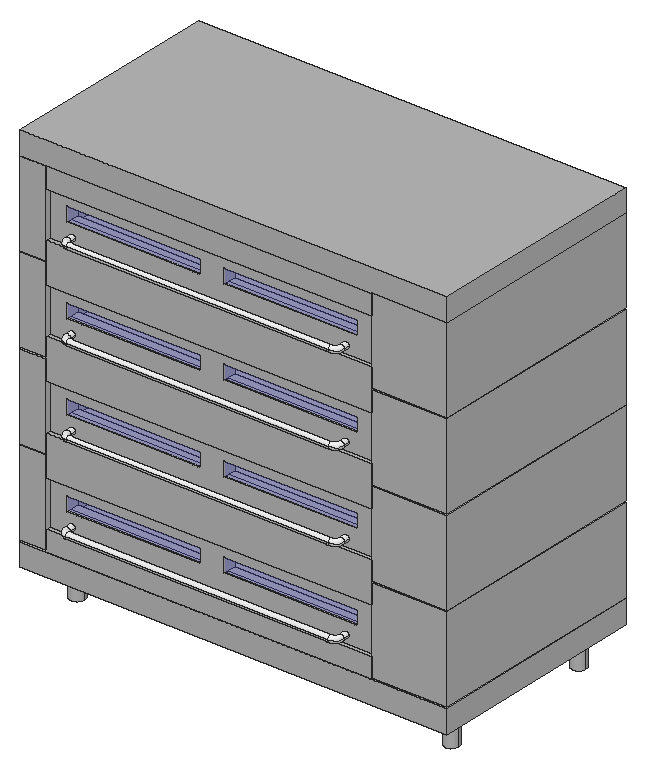
Revit family
Parameters (values of type "74" x 39"")
  Assembly Code = "E1090320"
  Deck Height = 1' - 3"
  Depth = 3' - 2 3/4"
  Width = 6' - 2"
Types (4): name | Assembly Code | Deck Height | Depth | Width
  (no name) | "E1090320" | 1' - 3" | 3' - 2 3/4" | 6' - 2"
  74" x 48" | "E1090320" | 1' - 5" | 4' - 0" | 6' - 2"
  74" x 39" | "E1090320" | 1' - 3" | 3' - 2 3/4" | 6' - 2"
  1880 x 985mm | "" | 1' - 3" | 3' - 2.77953" | 6' - 2.01575"
Reference planes (in)
  plane 1 "Center F/B": y = -13.90081
  plane 2: z = 0
  plane 3 "Center L/R": x = 19.69657
  plane 4 "Back": y = 5.47419
  plane 5 "Right": x = 56.69657
  plane 6 "Front": y = -33.27581
  plane 7 "Left": x = -17.30343
  plane 8 "e": z = 70
  plane 9 "d": z = 55
  plane 10 "c": z = 40
  plane 11 "b": z = 25
  plane 12: z = 74
  plane 13: z = 6
  plane 14 "a": z = 10
  plane 15: x = 15.44657
  plane 16: x = 43.69657
  plane 17: z = 64.44144
  plane 18: z = 61.94144
  plane 19: z = 49.44144
  plane 20: z = 46.94144
  plane 21: z = 34.44144
  plane 22: z = 31.94144
  plane 23: z = 19.44144
  plane 24: z = 16.94144
Forms (in)
  Extrusion 1, solid, material "Metal - Stainless Steel"
    sketch origin (0, 0, 74) x (0, -1, 0) y (-1, 0, 0)
      loop
        line (-5.47419, 17.30343) -> (-5.47419, -56.69657) -> (33.27581, -56.69657) -> (33.27581, 17.30343) -> (-5.47419, 17.30343)
    from 0 to 4
  Extrusion 2, solid, material "Metal - Stainless Steel"
    sketch origin (0, 0, 55) x (0, -1, 0) y (-1, 0, 0)
      loop
        line (33.27581, 17.30343) -> (-5.47419, 17.30343) -> (-5.47419, -56.69657) -> (33.27581, -56.69657) -> (33.27581, -43.69657) -> (-0.97419, -43.69657) -> (-0.97419, 12.80343) -> (33.27581, 12.80343) -> (33.27581, 17.30343)
    from -0.25 to -15
  Extrusion 3, solid, material "Metal - Stainless Steel"
    sketch origin (0, 0, 40) x (0, -1, 0) y (-1, 0, 0)
      loop
        line (33.27581, 17.30343) -> (-5.47419, 17.30343) -> (-5.47419, -56.69657) -> (33.27581, -56.69657) -> (33.27581, -43.69657) -> (-0.97419, -43.69657) -> (-0.97419, 12.80343) -> (33.27581, 12.80343) -> (33.27581, 17.30343)
    from -0.25 to -15
  Extrusion 4, solid, material "Metal - Stainless Steel"
    sketch origin (0, 0, 25) x (0, -1, 0) y (-1, 0, 0)
      loop
        line (-5.47419, 17.30343) -> (-5.47419, -56.69657) -> (33.27581, -56.69657) -> (33.27581, -43.69657) -> (-0.97419, -43.69657) -> (-0.97419, 12.80343) -> (33.27581, 12.80343) -> (33.27581, 17.30343) -> (-5.47419, 17.30343)
    from -0.25 to -15
  Extrusion 5, solid, material "Metal - Stainless Steel"
    sketch origin (0, 0, 10) x (0, -1, 0) y (-1, 0, 0)
      loop
        line (33.27581, 17.30343) -> (-5.47419, 17.30343) -> (-5.47419, -56.69657) -> (33.27581, -56.69657) -> (33.27581, -43.69657) -> (-0.97419, -43.69657) -> (-0.97419, 12.80343) -> (33.27581, 12.80343) -> (33.27581, 17.30343)
    from -0.25 to -15
  Extrusion 6, solid, material "Metal - Stainless Steel"
    sketch origin (0, -33.27581, 0) x (1, 0, 0) y (0, 0, 1)
      loop
        line (-12.80343, 69.94144) -> (-12.80343, 66.44144) -> (43.69657, 66.44144) -> (43.69657, 69.94144) -> (-12.80343, 69.94144)
      loop
        line (-12.80343, 58.5) -> (-12.80343, 51.5) -> (43.69657, 51.5) -> (43.69657, 58.5) -> (-12.80343, 58.5)
      loop
        line (-12.80343, 43.5) -> (-12.80343, 36.5) -> (43.69657, 36.5) -> (43.69657, 43.5) -> (-12.80343, 43.5)
      loop
        line (-12.80343, 28.5) -> (-12.80343, 21.5) -> (43.69657, 21.5) -> (43.69657, 28.5) -> (-12.80343, 28.5)
      loop
        line (-12.80343, 13.5) -> (-12.80343, 10) -> (43.69657, 10) -> (43.69657, 13.5) -> (-12.80343, 13.5)
    from 0 to -34.25
  Extrusion 7, solid, material "Metal - Stainless Steel"
    sketch origin (0, 0, 6) x (0, -1, 0) y (-1, 0, 0)
      loop
        line (-5.47419, 17.30343) -> (-5.47419, -56.69657) -> (33.27581, -56.69657) -> (33.27581, 17.30343) -> (-5.47419, 17.30343)
    from 0 to -4
  Extrusion 8, solid, material "Metal - Stainless Steel"
    sketch origin (0, -33.27581, 0) x (1, 0, 0) y (0, 0, 1)
      loop
        line (-9.80343, 64.44144) -> (-9.80343, 61.94144) -> (13.44657, 61.94144) -> (13.44657, 64.44144) -> (-9.80343, 64.44144)
      loop
        line (-9.80343, 49.44144) -> (-9.80343, 46.94144) -> (13.44657, 46.94144) -> (13.44657, 49.44144) -> (-9.80343, 49.44144)
      loop
        line (-9.80343, 34.44144) -> (-9.80343, 31.94144) -> (13.44657, 31.94144) -> (13.44657, 34.44144) -> (-9.80343, 34.44144)
      loop
        line (-9.80343, 19.44144) -> (-9.80343, 16.94144) -> (13.44657, 16.94144) -> (13.44657, 19.44144) -> (-9.80343, 19.44144)
      loop
        line (-12.80343, 66.44144) -> (-12.80343, 58.5) -> (43.69657, 58.5) -> (43.69657, 66.44144) -> (-12.80343, 66.44144)
      loop
        line (-12.80343, 51.5) -> (-12.80343, 43.5) -> (43.69657, 43.5) -> (43.69657, 51.5) -> (-12.80343, 51.5)
      loop
        line (-12.80343, 36.5) -> (-12.80343, 28.5) -> (43.69657, 28.5) -> (43.69657, 36.5) -> (-12.80343, 36.5)
      loop
        line (-12.80343, 21.5) -> (-12.80343, 13.5) -> (43.69657, 13.5) -> (43.69657, 21.5) -> (-12.80343, 21.5)
      loop
        line (17.44657, 64.44144) -> (17.44657, 61.94144) -> (40.69657, 61.94144) -> (40.69657, 64.44144) -> (17.44657, 64.44144)
      loop
        line (17.44657, 49.44144) -> (17.44657, 46.94144) -> (40.69657, 46.94144) -> (40.69657, 49.44144) -> (17.44657, 49.44144)
      loop
        line (17.44657, 34.44144) -> (17.44657, 31.94144) -> (40.69657, 31.94144) -> (40.69657, 34.44144) -> (17.44657, 34.44144)
      loop
        line (17.44657, 19.44144) -> (17.44657, 16.94144) -> (40.69657, 16.94144) -> (40.69657, 19.44144) -> (17.44657, 19.44144)
    from -0.75 to -3
  Extrusion 9, solid, material "Glass"
    sketch origin (0, -33.27581, 0) x (1, 0, 0) y (0, 0, 1)
      loop
        line (-9.80343, 64.44144) -> (-9.80343, 61.94144) -> (40.69657, 61.94144) -> (40.69657, 64.44144) -> (-9.80343, 64.44144)
      loop
        line (-9.80343, 49.44144) -> (-9.80343, 46.94144) -> (40.69657, 46.94144) -> (40.69657, 49.44144) -> (-9.80343, 49.44144)
      loop
        line (-9.80343, 34.44144) -> (-9.80343, 31.94144) -> (40.69657, 31.94144) -> (40.69657, 34.44144) -> (-9.80343, 34.44144)
      loop
        line (-9.80343, 19.44144) -> (-9.80343, 16.94144) -> (40.69657, 16.94144) -> (40.69657, 19.44144) -> (-9.80343, 19.44144)
    from -1 to -1.5
  Sweep 10, solid, material "Metal - Stainless Steel2"
    path origin (0, 0, 25) x (0, -1, 0) y (1, 0, 0)
      loop
        line (33.27581, -8.30343) -> (34.27581, -8.30343)
        arc (34.27581, -8.30343) -> (34.98291, -8.01054) -> (35.27581, -7.30343) r 1
        line (35.27581, -7.30343) -> (35.27581, 38.19657)
        arc (35.27581, 38.19657) -> (34.98291, 38.90368) -> (34.27581, 39.19657) r 1
        line (34.27581, 39.19657) -> (33.27581, 39.19657)
    profile origin (0, -33.77581, 25) x (1, 0, 0) y (0, 0, 1)
      loop
        circle (-8.30343, 5.34161) r 0.5
  Extrusion 11, solid, material "Metal - Stainless Steel"
    sketch origin (0, 0, 0) x (1, 0, 0) y (0, 1, 0)
      loop
        circle (-12.80343, 0.97419) r 1.25
      loop
        circle (52.19657, 0.97419) r 1.25
      loop
        circle (52.19657, -26.54394) r 1.25
      loop
        circle (-12.80343, -26.54394) r 1.25
    from 0 to 6
  Sweep 12, solid, material "Metal - Stainless Steel2"
    path origin (0, 0, 40) x (0, -1, 0) y (1, 0, 0)
      loop
        line (33.27581, -8.30343) -> (34.27581, -8.30343)
        arc (34.27581, -8.30343) -> (34.98291, -8.01054) -> (35.27581, -7.30343) r 1
        line (35.27581, -7.30343) -> (35.27581, 38.19657)
        arc (35.27581, 38.19657) -> (34.98291, 38.90368) -> (34.27581, 39.19657) r 1
        line (34.27581, 39.19657) -> (33.27581, 39.19657)
    profile origin (0, -33.77581, 40) x (1, 0, 0) y (0, 0, 1)
      loop
        circle (-8.30343, 5.34375) r 0.5
  Sweep 13, solid, material "Metal - Stainless Steel2"
    path origin (0, 0, 55) x (0, -1, 0) y (1, 0, 0)
      loop
        line (33.27581, -8.30343) -> (34.27581, -8.30343)
        arc (34.27581, -8.30343) -> (34.98291, -8.01054) -> (35.27581, -7.30343) r 1
        line (35.27581, -7.30343) -> (35.27581, 38.19657)
        arc (35.27581, 38.19657) -> (34.98291, 38.90368) -> (34.27581, 39.19657) r 1
        line (34.27581, 39.19657) -> (33.27581, 39.19657)
    profile origin (0, -33.77581, 55) x (1, 0, 0) y (0, 0, 1)
      loop
        circle (-8.30343, 5.34375) r 0.5
  Sweep 14, solid, material "Metal - Stainless Steel2"
    path origin (0, 0, 10) x (0, -1, 0) y (1, 0, 0)
      loop
        line (33.27581, -8.30343) -> (34.39384, -8.30343)
        arc (34.39384, -8.30343) -> (35.10095, -8.01054) -> (35.39384, -7.30343) r 1
        line (35.39384, -7.30343) -> (35.39384, 38.19657)
        arc (35.39384, 38.19657) -> (35.10095, 38.90368) -> (34.39384, 39.19657) r 1
        line (34.39384, 39.19657) -> (33.27581, 39.19657)
    profile origin (0, -33.83482, 10) x (1, 0, 0) y (0, 0, 1)
      loop
        circle (-8.30343, 5.34375) r 0.5
Lines and regions (in)
  symbolic lines, style "SpecialityEquipment", detail levels medium+fine
    curve 1: line (-17.30343, -33.27581, 6) -> (56.69657, -33.27581, 6)
    curve 2: line (-17.30343, 5.47419, 6) -> (-17.30343, -33.27581, 6)
    curve 3: line (56.69657, 5.47419, 6) -> (-17.30343, 5.47419, 6)
    curve 4: line (56.69657, -33.27581, 6) -> (56.69657, 5.47419, 6)
    curve 5: line (-17.30343, 5.47419, 10) -> (56.69657, 5.47419, 10)
    curve 6: line (-17.30343, -33.27581, 10) -> (-17.30343, 5.47419, 10)
    curve 7: line (56.69657, -33.27581, 10) -> (-17.30343, -33.27581, 10)
    curve 8: line (56.69657, 5.47419, 10) -> (56.69657, -33.27581, 10)
    curve 9: line (-17.30343, 5.47419, 25) -> (56.69657, 5.47419, 25)
    curve 10: line (-17.30343, -33.27581, 25) -> (-17.30343, 5.47419, 25)
    curve 11: line (56.69657, -33.27581, 25) -> (-17.30343, -33.27581, 25)
    curve 12: line (56.69657, 5.47419, 25) -> (56.69657, -33.27581, 25)
    curve 13: line (-17.30343, 5.47419, 40) -> (56.69657, 5.47419, 40)
    curve 14: line (-17.30343, -33.27581, 40) -> (-17.30343, 5.47419, 40)
    curve 15: line (56.69657, -33.27581, 40) -> (-17.30343, -33.27581, 40)
    curve 16: line (56.69657, 5.47419, 40) -> (56.69657, -33.27581, 40)
    curve 17: line (-17.30343, 5.47419, 55) -> (56.69657, 5.47419, 55)
    curve 18: line (-17.30343, -33.27581, 55) -> (-17.30343, 5.47419, 55)
    curve 19: line (56.69657, -33.27581, 55) -> (-17.30343, -33.27581, 55)
    curve 20: line (56.69657, 5.47419, 55) -> (56.69657, -33.27581, 55)
    curve 21: line (-17.30343, 5.47419, 70) -> (56.69657, 5.47419, 70)
    curve 22: line (-17.30343, -33.27581, 70) -> (-17.30343, 5.47419, 70)
    curve 23: line (56.69657, -33.27581, 70) -> (-17.30343, -33.27581, 70)
    curve 24: line (56.69657, 5.47419, 70) -> (56.69657, -33.27581, 70)
  model lines, detail levels medium+fine
    curve 25: line (48.69657, -33.27581, 70) -> (48.69657, -33.27581, 10)
    curve 26: line (49.19657, -33.27581, 70) -> (49.19657, -33.27581, 10)
    curve 28: line (-12.80343, -33.27581, 42.5) -> (43.69657, -33.27581, 42.5)
    curve 29: line (-12.80343, -33.27581, 27.5) -> (43.69657, -33.27581, 27.5)
    curve 30: line (-12.80343, -33.27581, 12.5) -> (43.69657, -33.27581, 12.5)
  model lines
    curve 27: line (-12.80343, -33.27581, 57.5) -> (43.69657, -33.27581, 57.5)
  symbolic lines
    curve 31: line (-17.30343, 5.47419, 0) -> (56.69657, 5.47419, 0)
    curve 32: line (-17.30343, -33.27581, 0) -> (-17.30343, 5.47419, 0)
    curve 33: line (56.69657, -33.27581, 0) -> (-17.30343, -33.27581, 0)
    curve 34: line (56.69657, 5.47419, 0) -> (56.69657, -33.27581, 0)
Dimensions and locks (in)
  equal spacing: plane 7 "Left", plane 3 "Center L/R", plane 5 "Right"
  equal spacing: plane 6 "Front", plane 1 "Center F/B", plane 4 "Back"
  "Width": plane 7 "Left" to plane 5 "Right"
  "Depth": plane 6 "Front" to plane 4 "Back"
  locked: plane 12 to plane 8 "e" at 4
  locked: plane 14 "a" to plane 13 at 4
  "Deck Height": plane 8 "e" to plane 9 "d"
  "Deck Height": plane 9 "d" to plane 10 "c"
  "Deck Height": plane 10 "c" to plane 11 "b"
  "Deck Height": plane 11 "b" to plane 14 "a"
  locked: plane 13 to plane 2 at 6
  locked: plane 15 to plane 3 "Center L/R" at 4.25
  locked: plane 16 to plane 5 "Right" at 13
  locked: plane 8 "e" to plane 17 at 5.55856
  locked: plane 18 to plane 9 "d" at 6.94144
  locked: plane 9 "d" to plane 19 at 5.55856
  locked: plane 20 to plane 10 "c" at 6.94144
  locked: plane 10 "c" to plane 21 at 5.55856
  locked: plane 22 to plane 11 "b" at 6.94144
  locked: plane 11 "b" to plane 23 at 5.55856
  locked: plane 24 to plane 14 "a" at 6.94144
  aligned and locked: plane 8 "e" to Extrusion 1
  aligned and locked: Extrusion 2 to plane 8 "e"
  aligned and locked: Extrusion 3 to plane 9 "d"
  aligned and locked: Extrusion 4 to plane 10 "c"
  aligned and locked: Extrusion 5 to plane 11 "b"
  aligned and locked: Extrusion 6 to Extrusion 2
  aligned and locked: Extrusion 7 to plane 14 "a"
  aligned and locked: Extrusion 2 to Extrusion 6 sketch curve
  aligned and locked: Extrusion 6 sketch curve to Extrusion 6 sketch curve  (x4)
  aligned and locked: Extrusion 8 to Extrusion 9 sketch curve
  aligned and locked: Extrusion 9 sketch curve to Extrusion 9 sketch curve  (x3)
  aligned and locked: Extrusion 9 sketch curve to Extrusion 8  (x8)
  aligned and locked: plane 17 to Extrusion 8 sketch curve  (x2)
  aligned and locked: Extrusion 8 sketch curve to plane 18  (x2)
  aligned and locked: plane 19 to Extrusion 8 sketch curve  (x2)
  aligned and locked: Extrusion 8 sketch curve to plane 20  (x2)
  aligned and locked: plane 21 to Extrusion 8 sketch curve  (x2)
  aligned and locked: Extrusion 8 sketch curve to plane 22  (x2)
  aligned and locked: plane 23 to Extrusion 8 sketch curve  (x2)
  aligned and locked: Extrusion 8 sketch curve to plane 24  (x2)
  aligned and locked: curve 31 to Extrusion 1  (x2)
  aligned and locked: curve 34 to Extrusion 1  (x2)
Automatic sketch dimensions
  Extrusion 1 sketch curve to plane 4 "Back" = 0' - 0"
  Extrusion 1 sketch curve to plane 6 "Front" = 0' - 0"
  Extrusion 1 sketch curve to plane 7 "Left" = 0' - 0"
  Extrusion 1 sketch curve to plane 5 "Right" = 0' - 0"
  Extrusion 2 sketch curve to plane 4 "Back" = 0' - 0"
  Extrusion 2 sketch curve to plane 6 "Front" = 0' - 0"  (x2)
  Extrusion 2 sketch curve to plane 7 "Left" = 0' - 0"
  Extrusion 2 sketch curve to plane 5 "Right" = 0' - 0"
  plane 4 "Back" to Extrusion 2 sketch curve = 0' - 4 1/2"
  Extrusion 2 sketch curve to plane 7 "Left" = 0' - 4 1/2"
  Extrusion 2 sketch curve to Extrusion 2 sketch curve = 1' - 1"
  Extrusion 3 sketch curve to plane 4 "Back" = 0' - 0"
  Extrusion 3 sketch curve to plane 6 "Front" = 0' - 0"  (x2)
  Extrusion 3 sketch curve to plane 7 "Left" = 0' - 0"
  Extrusion 3 sketch curve to plane 5 "Right" = 0' - 0"
  plane 4 "Back" to Extrusion 3 sketch curve = 0' - 4 1/2"
  Extrusion 3 sketch curve to plane 7 "Left" = 0' - 4 1/2"
  Extrusion 3 sketch curve to Extrusion 3 sketch curve = 1' - 1"
  Extrusion 4 sketch curve to plane 4 "Back" = 0' - 0"
  Extrusion 4 sketch curve to plane 6 "Front" = 0' - 0"  (x2)
  Extrusion 4 sketch curve to plane 7 "Left" = 0' - 0"
  Extrusion 4 sketch curve to plane 5 "Right" = 0' - 0"
  plane 4 "Back" to Extrusion 4 sketch curve = 0' - 4 1/2"
  Extrusion 4 sketch curve to Extrusion 4 sketch curve = 0' - 4 1/2"
  Extrusion 4 sketch curve to Extrusion 4 sketch curve = 1' - 1"
  Extrusion 5 sketch curve to plane 4 "Back" = 0' - 0"
  Extrusion 5 sketch curve to plane 6 "Front" = 0' - 0"  (x2)
  Extrusion 5 sketch curve to plane 7 "Left" = 0' - 0"
  Extrusion 5 sketch curve to plane 5 "Right" = 0' - 0"
  plane 4 "Back" to Extrusion 5 sketch curve = 0' - 4 1/2"
  Extrusion 5 sketch curve to plane 7 "Left" = 0' - 4 1/2"
  Extrusion 5 sketch curve to Extrusion 5 sketch curve = 1' - 1"
  Extrusion 6 sketch curve to plane 14 "a" = 0' - 0"
  plane 10 "c" to Extrusion 6 sketch curve = 0' - 3 1/2"
  Extrusion 6 sketch curve to plane 7 "Left" = 0' - 4 1/2"  (x5)
  Extrusion 6 sketch curve to plane 9 "d" = 0' - 3 1/2"
  plane 11 "b" to Extrusion 6 sketch curve = 0' - 3 1/2"
  Extrusion 6 sketch curve to plane 10 "c" = 0' - 3 1/2"
  Extrusion 6 sketch curve to plane 11 "b" = 0' - 3 1/2"
  Extrusion 6 sketch curve to plane 14 "a" = 0' - 3 1/2"
  plane 9 "d" to Extrusion 6 sketch curve = 0' - 3 1/2"
  plane 8 "e" to Extrusion 6 sketch curve = 0' - 3.55856"
  plane 8 "e" to Extrusion 6 sketch curve = 0' - 0.05856"
  Extrusion 7 sketch curve to plane 4 "Back" = 0' - 0"
  Extrusion 7 sketch curve to plane 6 "Front" = 0' - 0"
  Extrusion 7 sketch curve to plane 7 "Left" = 0' - 0"
  Extrusion 7 sketch curve to plane 5 "Right" = 0' - 0"
  curve 26 to plane 8 "e" = 0' - 0"
  curve 26 to plane 14 "a" = 0' - 0"
  curve 25 to plane 14 "a" = 0' - 0"
  curve 25 to plane 8 "e" = 0' - 0"
  plane 5 "Right" to curve 26 = 0' - 7 1/2"
  curve 26 to curve 25 = 0' - 0 1/2"
  curve 27 to plane 9 "d" = 0' - 2 1/2"
  plane 5 "Right" to curve 27 = 1' - 1"
  curve 30 to plane 14 "a" = 0' - 2 1/2"
  curve 25 to curve 30 = 0' - 5"
  curve 28 to plane 10 "c" = 0' - 2 1/2"
  plane 5 "Right" to curve 28 = 1' - 1"
  curve 29 to plane 11 "b" = 0' - 2 1/2"
  plane 5 "Right" to curve 29 = 1' - 1"
  curve 29 to plane 7 "Left" = 0' - 4 1/2"
  curve 30 to plane 7 "Left" = 0' - 4 1/2"
  curve 27 to plane 7 "Left" = 0' - 4 1/2"
  curve 28 to plane 7 "Left" = 0' - 4 1/2"
  Sweep 10 sketch curve to plane 6 "Front" = 0' - 0"  (x2)
  plane 6 "Front" to Sweep 10 sketch curve = 0' - 1"  (x2)
  Sweep 10 sketch curve to Sweep 10 sketch curve = 0' - 1"
  Sweep 10 sketch curve to profile plane = 0' - 0"
  Sweep 10 sketch curve to Sweep 10 sketch curve = 0' - 0 1/2"
  Sweep 10 sketch curve to plane 11 "b" = 0' - 5.34161"
  Extrusion 11 sketch curve to Extrusion 11 sketch curve = 0' - 1 1/4"  (x4)
  Extrusion 11 sketch curve to plane 7 "Left" = 0' - 3 1/4"  (x2)
  plane 4 "Back" to Extrusion 11 sketch curve = 0' - 4 1/2"  (x2)
  plane 5 "Right" to Extrusion 11 sketch curve = 0' - 5 3/4"  (x2)
  Extrusion 11 sketch curve to plane 6 "Front" = 0' - 6.73187"  (x2)
  Extrusion 9 sketch curve to plane 7 "Left" = 0' - 7 1/2"  (x4)
  Sweep 10 sketch curve to plane 3 "Center L/R" = 2' - 3"
  plane 3 "Center L/R" to Sweep 10 sketch curve = 1' - 6 1/2"
  Sweep 12 sketch curve to plane 6 "Front" = 0' - 0"  (x2)
  Sweep 12 sketch curve to Sweep 12 sketch curve = 0' - 1"  (x2)
  plane 6 "Front" to Sweep 12 sketch curve = 0' - 1"
  Sweep 12 sketch curve to plane 3 "Center L/R" = 2' - 4"
  plane 3 "Center L/R" to Sweep 12 sketch curve = 1' - 6 1/2"
  Sweep 12 sketch curve to profile plane = 0' - 0"
  Sweep 12 sketch curve to Sweep 12 sketch curve = 0' - 0 1/2"
  Sweep 12 sketch curve to plane 10 "c" = 0' - 5 11/32"
  Sweep 13 sketch curve to plane 6 "Front" = 0' - 0"  (x2)
  Sweep 13 sketch curve to Sweep 13 sketch curve = 0' - 1"  (x2)
  plane 6 "Front" to Sweep 13 sketch curve = 0' - 1"
  Sweep 13 sketch curve to plane 3 "Center L/R" = 2' - 4"
  plane 3 "Center L/R" to Sweep 13 sketch curve = 1' - 6 1/2"
  Sweep 13 sketch curve to profile plane = 0' - 0"
  profile plane to Sweep 13 sketch curve = 0' - 0 1/2"
  Sweep 13 sketch curve to plane 9 "d" = 0' - 5 11/32"
  Sweep 14 sketch curve to plane 6 "Front" = 0' - 0"  (x2)
  Sweep 14 sketch curve to Sweep 14 sketch curve = 0' - 1.11803"
  plane 6 "Front" to Sweep 14 sketch curve = 0' - 1.11803"
  Sweep 14 sketch curve to Sweep 14 sketch curve = 0' - 1"
  Sweep 14 sketch curve to plane 3 "Center L/R" = 2' - 4"
  plane 3 "Center L/R" to Sweep 14 sketch curve = 1' - 6 1/2"
  Sweep 14 sketch curve to profile plane = 0' - 0"
  profile plane to Sweep 14 sketch curve = 0' - 0 1/2"
  Sweep 14 sketch curve to plane 14 "a" = 0' - 5 11/32"
  Extrusion 8 sketch curve to plane 16 = 0' - 0"  (x4)
  plane 16 to Extrusion 8 sketch curve = 0' - 3"  (x4)
  Extrusion 8 sketch curve to plane 3 "Center L/R" = 0' - 2 1/4"  (x4)
  Extrusion 8 sketch curve to Extrusion 8 sketch curve = 0' - 4"  (x4)
  Extrusion 8 sketch curve to Extrusion 8 sketch curve = 1' - 11 1/4"  (x2)
  Extrusion 8 sketch curve to Extrusion 8 sketch curve = 0' - 0"  (x2)
  Extrusion 8 sketch curve to plane 7 "Left" = 0' - 4 1/2"  (x2)
  Extrusion 8 sketch curve to Extrusion 8 sketch curve = 0' - 3"  (x2)
  Extrusion 8 sketch curve to Extrusion 8 sketch curve = 0' - 3.44144"
  plane 11 "b" to Extrusion 8 sketch curve = 0' - 3 1/2"
  Extrusion 8 sketch curve to plane 11 "b" = 0' - 3 1/2"
  plane 10 "c" to Extrusion 8 sketch curve = 0' - 3 1/2"
  Extrusion 8 sketch curve to plane 10 "c" = 0' - 3 1/2"
  plane 9 "d" to Extrusion 8 sketch curve = 0' - 3 1/2"
  Extrusion 8 sketch curve to Extrusion 8 sketch curve = 0' - 7"
  plane 8 "e" to Extrusion 8 sketch curve = 0' - 3.55856"
  curve 14 to plane 6 "Front" = 0' - 0"
  curve 14 to plane 7 "Left" = 0' - 0"
  curve 2 to plane 4 "Back" = 0' - 0"
  curve 2 to plane 7 "Left" = 0' - 0"
  curve 5 to plane 4 "Back" = 0' - 0"
  curve 5 to plane 7 "Left" = 0' - 0"
  curve 23 to plane 6 "Front" = 0' - 0"
  curve 23 to plane 7 "Left" = 0' - 0"
  curve 9 to plane 4 "Back" = 0' - 0"
  curve 9 to plane 7 "Left" = 0' - 0"
  curve 18 to plane 6 "Front" = 0' - 0"
  curve 18 to plane 7 "Left" = 0' - 0"
  curve 13 to plane 4 "Back" = 0' - 0"
  curve 13 to plane 5 "Right" = 0' - 0"
  curve 9 to plane 5 "Right" = 0' - 0"
  curve 17 to plane 4 "Back" = 0' - 0"
  curve 17 to plane 5 "Right" = 0' - 0"
  curve 8 to plane 5 "Right" = 0' - 0"
  curve 21 to plane 4 "Back" = 0' - 0"
  curve 21 to plane 5 "Right" = 0' - 0"
  curve 4 to plane 5 "Right" = 0' - 0"
  curve 1 to plane 6 "Front" = 0' - 0"
  curve 6 to plane 6 "Front" = 0' - 0"
  curve 10 to plane 6 "Front" = 0' - 0"
